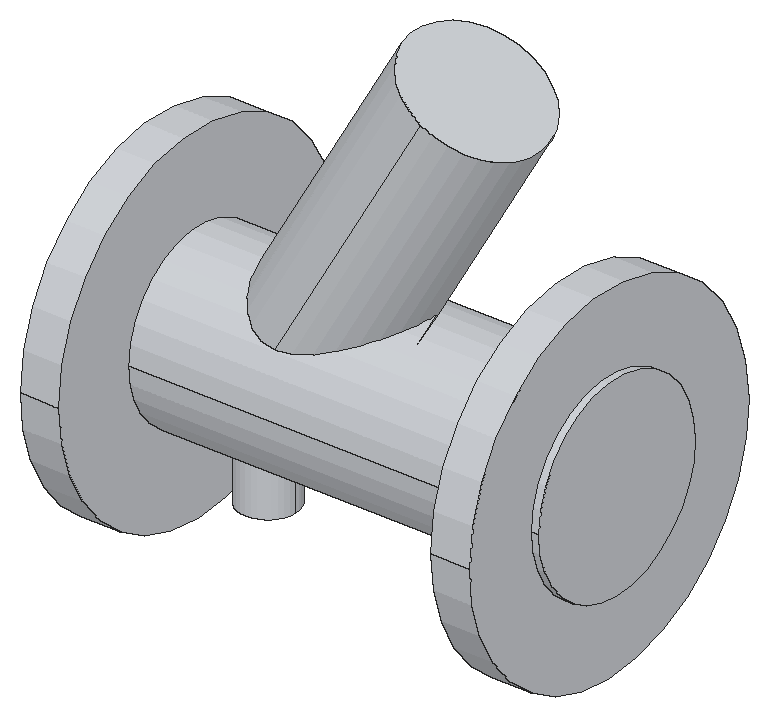
Revit family "HS 821-síto_jemné-PN16-DN040-RFA_2019", category Pipe Accessories, Revit 2019
Family settings
  Round Connector Dimension = Use Diameter
  Part Type = Breaks Into
  Work Plane-Based = No
  Always vertical = Yes
  Cut with Voids When Loaded = No
  Shared = No
Parameters (values of type "821A-DN040-PN16-síto_jemné")
  magiProductId = "d106917c74724141a10440112d0102"
  magiProductFamilyId = "79214ac3aaa945e397802f559f5c1e"
  magiPartTypeId = 307
  isMeasuringValve [instance] = no
  ang2D [instance] = 0.00°
  ZB__ve = -ZB  # -24.5 mm
  ZB1 = 34.02 mm
  ZB = 24.5 mm
  X2 = 75.777 mm
  X1 = 28 mm
  W2D = 15 mm
  VersionID = "2.0/2017.9.26.1/ZETKAMA_821_001"
  Use Minimum Symbol Size [instance] = yes
  URL = "www.hydronix.cz"
  Type Comments = "Filtr přírubový; síto jemné; A-PN16 (-10~300°C); D-PN25 (-10~350°C); F-PN40 (-10~400°C)"
  S = 84 mm
  QmdConnectorList = "301;D;302;D"
  Productdata [instance] = ""
  Manufacturer = "Hydronix"
  MC Product Code = "210 140 (821A; DN040; PN16; kvs36,6; oko síta 0,63mm)"
  LM1 = 16 mm
  LM = 160 mm
  L4 = 50 mm
  L2D_Min = 3048 mm
  L2D = 130 mm
  L2 = 100 mm
  HH2 = 131.25 mm
  FD = 150 mm
  Description = "Filtr přírubový; síto jemné; 821A-PN16; 821D-PN25; 821F-PN40"
  DM1 = 60 mm
  DM = 75.6 mm
  D = 40 mm
  CC = 3.4 mm
  CAT0 = yes
  C1 = 16.6 mm
  C = 20 mm
  BD = 23.814 mm
Types (40, lengths in mm): name | magiProductId | ZB__ve | ZB1 | ZB | X2 | X1 | S | MC Product Code | LM1 | LM | L4 | L2 | HH2 | FD | DM1 | DM | D | CC | C1 | C | BD
  821A-DN015-PN16-síto_jemné | "a71bcfe8b393460598b23e8ddf7dc5" | -16.25 | 18.63 | 16.25 | 46.982 | 18.2 | 46 | "210 115 (821A; DN015; PN16; kvs6,2; oko síta 0,63mm)" | 10.4 | 104 | 32.5 | 65 | 81.375 | 95 | 27.6 | 41.4 | 15 | 2.21 | 10.79 | 13 | 13.041
  821A-DN020-PN16-síto_jemné | "41cd6c7a12924f4991217528336076" | -17.75 | 22.68 | 17.75 | 51.673 | 21 | 56 | "210 120 (821A; DN020; PN16; kvs9,6; oko síta 0,63mm)" | 12 | 120 | 37.5 | 75 | 89.5 | 105 | 33.6 | 50.4 | 20 | 2.55 | 12.45 | 15 | 15.876
  821A-DN025-PN16-síto_jemné | "be378b463ed14c3abf4c9b3ae8cf3a" | -19.25 | 26.325 | 19.25 | 58.601 | 22.4 | 65 | "210 125 (821A; DN025; PN16; kvs14,2; oko síta 0,63mm)" | 12.8 | 128 | 40 | 80 | 101.5 | 115 | 43.2 | 58.5 | 25 | 2.72 | 13.28 | 16 | 18.427
  821A-DN032-PN16-síto_jemné | "227a0d18b21540afabe8b6067d35fa" | -23 | 30.78 | 23 | 68.849 | 25.2 | 76 | "210 132 (821A; DN032; PN16; kvs23,1; oko síta 0,63mm)" | 14.4 | 144 | 45 | 90 | 119.25 | 140 | 50.4 | 68.4 | 32 | 3.06 | 14.94 | 18 | 21.546
  821A-DN040-PN16-síto_jemné | "d106917c74724141a10440112d0102" | -24.5 | 34.02 | 24.5 | 75.777 | 28 | 84 | "210 140 (821A; DN040; PN16; kvs36,6; oko síta 0,63mm)" | 16 | 160 | 50 | 100 | 131.25 | 150 | 60 | 75.6 | 40 | 3.4 | 16.6 | 20 | 23.814
  821A-DN050-PN16-síto_jemné | "8255d456a09e4f6486734f5dd9171b" | -26.75 | 40.095 | 26.75 | 79.061 | 32.2 | 99 | "210 150 (821A; DN050 PN16; kvs53,7; oko síta 0,63mm)" | 18.4 | 184 | 57.5 | 115 | 136.938 | 165 | 73.8 | 89.1 | 50 | 3.91 | 19.09 | 23 | 28.066
  821A-DN065-PN16-síto_jemné | "235b1b3e4c0843779a4d5e3716d40a" | -29.75 | 47.79 | 29.75 | 86.927 | 40.6 | 118 | "210 165 (821A; DN065; PN16; kvs95,1; oko síta 0,63mm)" | 23.2 | 232 | 72.5 | 145 | 150.562 | 185 | 94.2 | 106.2 | 65 | 4.93 | 24.07 | 29 | 33.453
  821A-DN080-PN16-síto_jemné | "a067f7c5236348ed8c820d16df7214" | -32 | 53.46 | 32 | 104.753 | 43.4 | 132 | "210 180 (821A; DN080; PN16; kvs137,1; oko síta 0,63mm)" | 24.8 | 248 | 77.5 | 155 | 181.438 | 200 | 107.4 | 118.8 | 80 | 5.27 | 25.73 | 31 | 37.422
  821A-DN100-PN16-síto_jemné | "c49a648c2747461285837d643703cd" | -35 | 63.18 | 35 | 114.857 | 49 | 156 | "210 190 (821A; DN100; PN16; kvs206,4; oko síta 0,63mm)" | 28 | 280 | 87.5 | 175 | 198.937 | 220 | 131.4 | 140.4 | 100 | 5.95 | 29.05 | 35 | 44.226
  821A-DN125-PN16-síto_jemné | "bf68e728a163493cbd2a663b26ebdc" | -39.5 | 74.52 | 39.5 | 131.888 | 56 | 184 | "210 191 (821A; DN125; PN16; kvs268,8; oko síta 0,63mm)" | 32 | 320 | 100 | 200 | 228.438 | 250 | 165 | 165.6 | 125 | 6.8 | 33.2 | 40 | 52.164
  821A-DN150-PN16-síto_jemné | "2de770284b654863ae6bc865769dc5" | -44.75 | 85.455 | 44.75 | 155.885 | 67.2 | 211 | "210 192 (821A; DN150; PN16; kvs401,4; oko síta 0,63mm)" | 38.4 | 384 | 120 | 240 | 270 | 285 | 192 | 189.9 | 150 | 8.16 | 39.84 | 48 | 59.818
  821A-DN200-PN16-síto_jemné | "8e5693371ab64aabb29a7f08c76e15" | -53 | 107.73 | 53 | 188.361 | 84 | 266 | "210 193 (821A; DN200; PN16; kvs706,7; oko síta 0,63mm)" | 48 | 480 | 150 | 300 | 326.25 | 340 | 252 | 239.4 | 200 | 10.2 | 49.8 | 60 | 75.411
  821A-DN250-PN16-síto_jemné | "05e37ed948c34047acdd4c42556504" | -62.75 | 129.195 | 62.75 | 255.911 | 102.2 | 319 | "210 194 (821A; DN250; PN16; kvs1229,4; oko síta 0,63mm)" | 58.4 | 584 | 182.5 | 365 | 443.25 | 405 | 309.6 | 287.1 | 250 | 12.41 | 60.59 | 73 | 90.436
  821A-DN300-PN16-síto_jemné | "9ad0af747269428da925480d83ce80" | -71 | 149.85 | 71 | 325.914 | 119 | 370 | "210 195 (821A; DN300; PN16; kvs1902,4; oko síta 0,63mm)" | 68 | 680 | 212.5 | 425 | 564.5 | 460 | 369.6 | 333 | 300 | 14.45 | 70.55 | 85 | 104.895
  821A-DN350-PN16-síto_jemné | "eebc71459bb3451bb4355e7951370a" | -80 | 173.745 | 80 | 356.875 | 137.2 | 429 | "200 196 (821A; DN350; PN16; kvs2611,0; oko síta 0,63mm)" | 78.4 | 784 | 245 | 490 | 618.125 | 520 | 438 | 386.1 | 350 | 16.66 | 81.34 | 98 | 121.621
  821A-DN400-PN16-síto_jemné | "d2f677cb196647e385b2590e7d8abe" | -89 | 194.4 | 89 | 392.237 | 154 | 480 | "210 197 (821A; DN400; PN16; kvs3438,4; oko síta 0,63mm)" | 88 | 880 | 275 | 550 | 679.375 | 580 | 498 | 432 | 400 | 18.7 | 91.3 | 110 | 136.08
  821D-DN015-PN25-síto_jemné | "27ddcbf555414f8ca1fde329bf9087" | -16.25 | 18.63 | 16.25 | 46.982 | 18.2 | 46 | "210 215 (821D; DN015; PN25; kvs6,2; oko síta 0,63mm)" | 10.4 | 104 | 32.5 | 65 | 81.375 | 95 | 27.6 | 41.4 | 15 | 2.21 | 10.79 | 13 | 13.041
  821D-DN020-PN25-síto_jemné | "270e0f14012f47189cd0235c18faee" | -17.75 | 22.68 | 17.75 | 51.673 | 21 | 56 | "210 220 (821D; DN020; PN25; kvs9,6; oko síta 0,63mm)" | 12 | 120 | 37.5 | 75 | 89.5 | 105 | 33.6 | 50.4 | 20 | 2.55 | 12.45 | 15 | 15.876
  821D-DN025-PN25-síto_jemné | "b9a7fb4aa36643878c637d8e1ab992" | -19.25 | 26.325 | 19.25 | 58.601 | 22.4 | 65 | "210 225 (821D; DN025; PN25; kvs14,2; oko síta 0,63mm)" | 12.8 | 128 | 40 | 80 | 101.5 | 115 | 43.2 | 58.5 | 25 | 2.72 | 13.28 | 16 | 18.427
  821D-DN032-PN25-síto_jemné | "6be9a55c4e68400f94eec7e804204c" | -23 | 30.78 | 23 | 68.849 | 25.2 | 76 | "210 232 (821D; DN032; PN25; kvs23,1; oko síta 0,63mm)" | 14.4 | 144 | 45 | 90 | 119.25 | 140 | 50.4 | 68.4 | 32 | 3.06 | 14.94 | 18 | 21.546
  821D-DN040-PN25-síto_jemné | "c54511bd7f584ec2984291479612cb" | -24.5 | 34.02 | 24.5 | 75.777 | 28 | 84 | "210 240 (821D; DN040; PN25; kvs36,6; oko síta 0,63mm)" | 16 | 160 | 50 | 100 | 131.25 | 150 | 60 | 75.6 | 40 | 3.4 | 16.6 | 20 | 23.814
  821D-DN050-PN25-síto_jemné | "5483b1f596b04cd39b23a14a22c90e" | -26.75 | 40.095 | 26.75 | 79.061 | 32.2 | 99 | "210 250 (821D; DN050; PN25; kvs53,7; oko síta 0,63mm)" | 18.4 | 184 | 57.5 | 115 | 136.938 | 165 | 73.8 | 89.1 | 50 | 3.91 | 19.09 | 23 | 28.066
  821D-DN065-PN25-síto_jemné | "767b0f8318e94750bc7a9930ed5b30" | -29.75 | 47.79 | 29.75 | 86.927 | 40.6 | 118 | "210 265 (821D; DN065; PN25; kvs95,1; oko síta 0,63mm)" | 23.2 | 232 | 72.5 | 145 | 150.562 | 185 | 94.2 | 106.2 | 65 | 4.93 | 24.07 | 29 | 33.453
  821D-DN080-PN25-síto_jemné | "e21040fa3cc2404b858198f6b73709" | -32 | 53.46 | 32 | 104.753 | 43.4 | 132 | "210 280 (821D; DN080; PN25; kvs137,1; oko síta 0,63mm)" | 24.8 | 248 | 77.5 | 155 | 181.438 | 200 | 107.4 | 118.8 | 80 | 5.27 | 25.73 | 31 | 37.422
  821D-DN100-PN25-síto_jemné | "175ca87a506b40b3bc6b82f12f33cf" | -37.25 | 63.18 | 37.25 | 114.857 | 49 | 156 | "210 290 (821D; DN100; PN25; kvs206,4; oko síta 0,63mm)" | 28 | 280 | 87.5 | 175 | 198.937 | 235 | 131.4 | 140.4 | 100 | 5.95 | 29.05 | 35 | 44.226
  821D-DN125-PN25-síto_jemné | "77cc98d60da24855999a22dff726b2" | -42.5 | 74.52 | 42.5 | 131.888 | 56 | 184 | "210 291 (821D; DN125; PN25; kvs268,8; oko síta 0,63mm)" | 32 | 320 | 100 | 200 | 228.438 | 270 | 165 | 165.6 | 125 | 6.8 | 33.2 | 40 | 52.164
  821D-DN150-PN25-síto_jemné | "9cf8acfcd15547d68e83172d3abcbe" | -47 | 85.455 | 47 | 155.885 | 67.2 | 211 | "210 292 (821D; DN150; PN25; kvs401,4; oko síta 0,63mm)" | 38.4 | 384 | 120 | 240 | 270 | 300 | 192 | 189.9 | 150 | 8.16 | 39.84 | 48 | 59.818
  821D-DN200-PN25-síto_jemné | "16973f3c9ea14389ba8602495a6b64" | -56 | 110.97 | 56 | 188.361 | 84 | 274 | "210 293 (821D; DN200; PN25; kvs706,7; oko síta 0,63mm)" | 48 | 480 | 150 | 300 | 326.25 | 360 | 252 | 246.6 | 200 | 10.2 | 49.8 | 60 | 77.679
  821F-DN015-PN40-síto_jemné | "4c7eaf3c4c0340888b3e684d8a8616" | -16.25 | 18.225 | 16.25 | 46.982 | 18.2 | 45 | "250 615 (821F; DN015; PN40; kvs6,2; oko síta 0,63mm)" | 10.4 | 104 | 32.5 | 65 | 81.375 | 95 | 27.6 | 40.5 | 15 | 2.21 | 10.79 | 13 | 12.757
  821F-DN020-PN40-síto_jemné | "aaac5f1ec96b44d6ba96ac2293d66d" | -17.75 | 23.49 | 17.75 | 51.673 | 21 | 58 | "250 620 (821F; DN020; PN40; kvs9,6; oko síta 0,63mm)" | 12 | 120 | 37.5 | 75 | 89.5 | 105 | 33.6 | 52.2 | 20 | 2.55 | 12.45 | 15 | 16.443
  821F-DN025-PN40-síto_jemné | "504768023968471481789485b54c7e" | -19.25 | 27.54 | 19.25 | 58.601 | 22.4 | 68 | "250 625 (821F; DN025; PN40; kvs14,2; oko síta 0,63mm)" | 12.8 | 128 | 40 | 80 | 101.5 | 115 | 43.2 | 61.2 | 25 | 2.72 | 13.28 | 16 | 19.278
  821F-DN032-PN40-síto_jemné | "165e7f39cf744f329bdf1c400dad12" | -23 | 31.59 | 23 | 68.849 | 25.2 | 78 | "250 632 (821F; DN032; PN40; kvs23,1; oko síta 0,63mm)" | 14.4 | 144 | 45 | 90 | 119.25 | 140 | 50.4 | 70.2 | 32 | 3.06 | 14.94 | 18 | 22.113
  821F-DN040-PN40-síto_jemné | "b8903f952089408fbf3a5a632bab1f" | -24.5 | 35.64 | 24.5 | 75.777 | 28 | 88 | "250 640 (821F; DN040; PN40; kvs36,6; oko síta 0,63mm)" | 16 | 160 | 50 | 100 | 131.25 | 150 | 60 | 79.2 | 40 | 3.4 | 16.6 | 20 | 24.948
  821F-DN050-PN40-síto_jemné | "c451f97266fe48da8f879cb6a2bd44" | -26.75 | 41.31 | 26.75 | 79.061 | 32.2 | 102 | "250 650 (821F; DN050; PN40; kvs53,7; oko síta 0,63mm)" | 18.4 | 184 | 57.5 | 115 | 136.938 | 165 | 73.8 | 91.8 | 50 | 3.91 | 19.09 | 23 | 28.917
  821F-DN065-PN40-síto_jemné | "dc9821e3f9b34e128f6a8c6b34c198" | -29.75 | 49.41 | 29.75 | 86.927 | 40.6 | 122 | "250 665 (821F; DN065; PN40; kvs95,1; oko síta 0,63mm)" | 23.2 | 232 | 72.5 | 145 | 150.562 | 185 | 94.2 | 109.8 | 65 | 4.93 | 24.07 | 29 | 34.587
  821F-DN080-PN40-síto_jemné | "689aa1e260f84cf4994f027a1d86b5" | -32 | 55.89 | 32 | 104.753 | 43.4 | 138 | "250 680 (821F; DN080; PN40; kvs137,1; oko síta 0,63mm)" | 24.8 | 248 | 77.5 | 155 | 181.438 | 200 | 107.4 | 124.2 | 80 | 5.27 | 25.73 | 31 | 39.123
  821F-DN100-PN40-síto_jemné | "8a45d4e8e2ab425f8c432f21d684f3" | -37.25 | 65.61 | 37.25 | 114.857 | 49 | 162 | "250 690 (821F; DN100; PN40; kvs206,4; oko síta 0,63mm)" | 28 | 280 | 87.5 | 175 | 198.937 | 235 | 131.4 | 145.8 | 100 | 5.95 | 29.05 | 35 | 45.927
  821F-DN125-PN40-síto_jemné | "cf073904c006406b8645afa67ea2fc" | -42.5 | 76.14 | 42.5 | 131.888 | 56 | 188 | "250 691 (821F; DN125; PN40; kvs268,8; oko síta 0,63mm)" | 32 | 320 | 100 | 200 | 228.438 | 270 | 165 | 169.2 | 125 | 6.8 | 33.2 | 40 | 53.298
  821F-DN150-PN40-síto_jemné | "0153b9ddabe14992a630484929fdbc" | -47 | 88.29 | 47 | 155.885 | 67.2 | 218 | "250 692 (821F; DN150; PN40; kvs401,4; oko síta 0,63mm)" | 38.4 | 384 | 120 | 240 | 270 | 300 | 192 | 196.2 | 150 | 8.16 | 39.84 | 48 | 61.803
  821F-DN200-PN40-síto_jemné | "7fb3fc01dd8d42428c203e3f8dd4d5" | -56 | 115.425 | 56 | 188.361 | 84 | 285 | "250 693 (821F; DN200; PN40; kvs706,7; oko síta 0,63mm)" | 48 | 480 | 150 | 300 | 326.25 | 360 | 252 | 256.5 | 200 | 10.2 | 49.8 | 60 | 80.797
Reference planes
  plane 1 "Center (Front/Back)": y = 0
  plane 2 "XYPLANE": z = 0
  plane 3 "Center (Left/Right)": x = 0
  plane 4 "109": x = -64
  plane 5 "108": x = 80
  plane 6 "107": x = -80
  plane 7 "105": x = 100
  plane 8 "104": x = -100
  plane 9 "103": y = 0
  plane 10 "102": z = 0
  plane 11 "101": x = -96.6
  plane 12 "100": x = 96.6
  plane 13 "11": x = -36
  plane 14 "10": z = 131.25
  plane 15 "9": x = 39.777
  plane 16 "5": z = -34.02
  plane 17 "4": x = -50
  plane 18 "1": x = 50
Forms (mm)
  Extrusion 1, solid, visible <- "CAT0"
    sketch origin (-80, -750, 0) x (0, 1, 0) y (0, 0, 1)
      loop
        circle (750, 0) r 37.8
    from 0 to 160 <- "LM"
  Extrusion 2, solid
    sketch origin (-100, -750, 0) x (0, 1, 0) y (0, 0, 1)
      loop
        circle (750, 0) r 42
    from 0 to 3.4 <- "CC"
  Extrusion 3, solid
    sketch origin (-96.6, -750, 0) x (0, 1, 0) y (0, 0, 1)
      loop
        circle (750, 0) r 75
    from 0 to 16.6 <- "C1"
  Extrusion 4, solid
    sketch origin (80, -750, 0) x (0, 1, 0) y (0, 0, 1)
      loop
        circle (750, 0) r 75
    from 0 to 16.6 <- "C1"
  Extrusion 5, solid
    sketch origin (96.6, -750, 0) x (0, 1, 0) y (0, 0, 1)
      loop
        circle (750, 0) r 42
    from 0 to 3.4 <- "CC"
  Sweep 6, solid, visible <- "CAT0"
    path origin (750, 0, 0) x (-1, 0, 0) y (0, 0, 1)
      loop
        line (830, 0) -> (786, 0) -> (710.223, 131.25)
    profile origin (-80, 0, 0) x (0, 0, -1) y (0, 1, 0)
      loop
        circle (0, 0) r 30
  Extrusion 7, solid, visible <- "CAT0"
    sketch origin (-750, 0, -34.02) x (1, 0, 0) y (0, 1, 0)
      loop
        circle (700, 0) r 11.907
    from 0 to -24.5 <- "ZB__ve"
  Extrusion 8, solid, visible <- "CAT0"
    sketch origin (-750, 0, -34.02) x (1, 0, 0) y (0, 1, 0)
      loop
        circle (800, 0) r 11.907
    from 0 to -24.5 <- "ZB__ve"
  Extrusion 9, solid, not visible
    sketch origin (100, -750, 0) x (0, 1, 0) y (0, 0, 1)
      loop
        circle (750, 0) r 10
    from 0 to -10
  Extrusion 10, solid, not visible
    sketch origin (-100, -750, 0) x (0, 1, 0) y (0, 0, 1)
      loop
        circle (750, 0) r 10
    from 0 to 10
Lines and regions (mm)
  reference lines, not visible
    curve 1: circle (2, 2, 0) r 1 normal (0, 0, 1)
Dimensions and locks
  plane 1 "Center (Front/Back)" to curve 1 = 2 mm
  "LM1": plane 6 "107" to plane 4 "109"
  "LM": plane 6 "107" to plane 5 "108"
  "C": plane 8 "104" to plane 6 "107"
  "L2": plane 3 "Center (Left/Right)" to plane 7 "105"
  "L2": plane 3 "Center (Left/Right)" to plane 8 "104"
  locked: plane 1 "Center (Front/Back)" to plane 9 "103"
  locked: plane 2 "XYPLANE" to plane 10 "102"
  "CC": plane 8 "104" to plane 11 "101"
  "C1": plane 5 "108" to plane 12 "100"
  "X1": plane 4 "109" to plane 13 "11"
  "HH2": plane 2 "XYPLANE" to plane 14 "10"
  "X2": plane 13 "11" to plane 15 "9"
  "ZB1": plane 2 "XYPLANE" to plane 16 "5"
  "L4": plane 8 "104" to plane 17 "4"
  "L2": plane 17 "4" to plane 18 "1"
  Sweep 6 sketch curve to Sweep 6 sketch curve = 0 mm  (x2)
  "DM": diameter of Extrusion 1 sketch curve
  "S": diameter of Extrusion 2 sketch curve
  "FD": diameter of Extrusion 3 sketch curve
  "FD": diameter of Extrusion 4 sketch curve
  "S": diameter of Extrusion 5 sketch curve
  "DM1": diameter of Sweep 6 sketch curve
  "BD": diameter of Extrusion 7 sketch curve
  "BD": diameter of Extrusion 8 sketch curve
  aligned and locked: level to plane 2 "XYPLANE"
  aligned and locked: Extrusion 1 sketch curve to plane 9 "103"
  aligned and locked: plane 10 "102" to Extrusion 1 sketch curve
  aligned and locked: Extrusion 2 sketch curve to plane 9 "103"
  aligned and locked: plane 10 "102" to Extrusion 2 sketch curve
  aligned and locked: Extrusion 3 sketch curve to plane 9 "103"
  aligned and locked: plane 10 "102" to Extrusion 3 sketch curve
  aligned and locked: Extrusion 4 sketch curve to plane 9 "103"
  aligned and locked: plane 10 "102" to Extrusion 4 sketch curve
  aligned and locked: Extrusion 5 sketch curve to plane 9 "103"
  aligned and locked: plane 10 "102" to Extrusion 5 sketch curve
  aligned and locked: Sweep 6 sketch curve to plane 9 "103"
  aligned and locked: plane 10 "102" to Sweep 6 sketch curve  (x3)
  aligned and locked: plane 6 "107" to Sweep 6 sketch curve
  aligned and locked: plane 13 "11" to Sweep 6 sketch curve
  aligned and locked: plane 14 "10" to Sweep 6 sketch curve
  aligned and locked: plane 15 "9" to Sweep 6 sketch curve
  aligned and locked: plane 9 "103" to Extrusion 7 sketch curve
  aligned and locked: plane 17 "4" to Extrusion 7 sketch curve
  aligned and locked: plane 9 "103" to Extrusion 8 sketch curve
  aligned and locked: plane 18 "1" to Extrusion 8 sketch curve
  aligned and locked: Extrusion 9 sketch curve to plane 9 "103"
  aligned and locked: plane 10 "102" to Extrusion 9 sketch curve
  aligned and locked: Extrusion 10 sketch curve to plane 9 "103"
  aligned and locked: plane 10 "102" to Extrusion 10 sketch curve
Automatic sketch dimensions
  plane 1 "Center (Front/Back)" to Extrusion 9 sketch curve = 10 mm
  plane 1 "Center (Front/Back)" to Extrusion 10 sketch curve = 10 mm
  plane 3 "Center (Left/Right)" to curve 1 = 2 mm
  radius of curve 1 = 1 mm
Connectors
  piping at (-100, 0, 0), diameter 40, driven by "D"
    settings: on Extrusion 10, index 1, connector inside diameter 609.6 mm, connector length 0 mm, flow factor 0, pipe flow 0.0 L/s, pressure drop 0.0 Pa, fitting loss kfactor 0, connector angle 0.00°, fixture units 0, engagement length 0 mm, angle of deflection 0.00°, flow configuration 0, flow direction 0, fitting loss method 0, system type 29, joint type 0, gender type 0, connector reference index 2, connector utility 0, adjustable connector no, is connector primary yes, connector description ""
  piping at (100, 0, 0), diameter 40, driven by "D"
    settings: on Extrusion 9, index 2, connector inside diameter 609.6 mm, connector length 0 mm, flow factor 0, pipe flow 0.0 L/s, pressure drop 0.0 Pa, fitting loss kfactor 0, connector angle 0.00°, fixture units 0, engagement length 0 mm, angle of deflection 0.00°, flow configuration 0, flow direction 0, fitting loss method 0, system type 29, joint type 0, gender type 0, connector reference index 1, connector utility 0, adjustable connector no, is connector primary no, connector description ""
